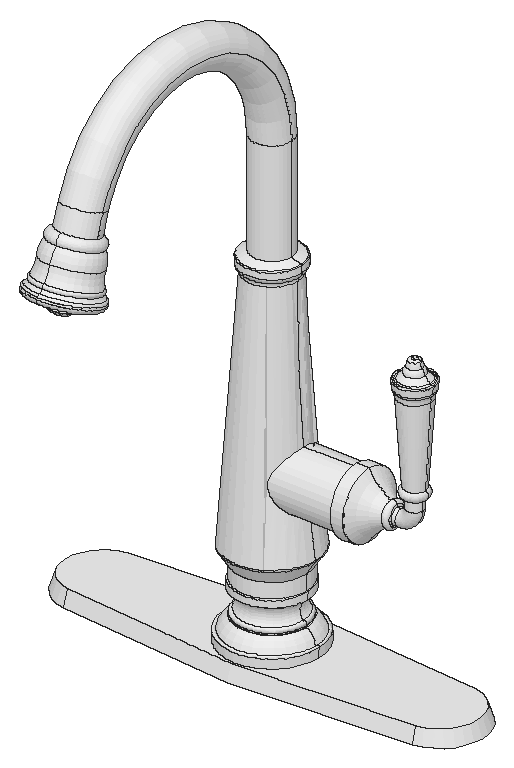
Revit family "Faucet-Single_Control-American_Standard-Delancey_4279410_Series", category Plumbing Fixtures, Revit 2019
Family settings
  Round Connector Dimension = Use Diameter
  Part Type = Normal
  OmniClass Number = 23.45.55.14
  OmniClass Title = Single Faucets
  Work Plane-Based = Yes
  Always vertical = No
  Cut with Voids When Loaded = No
  Shared = Yes
  Room Calculation Point = No
Parameters (values of type "4279410.002")
  Width = 8 11/16"  # constant formula
  Waste Connection = no
  Warranty Information = "Limited lifetime warranty on function and finish"
  WFU = 2  # constant formula
  Vent Connection = no
  URL = "http://www.americanstandard-us.com"
  Tempered Water Connection Diameter = 3/8"  # constant formula
  Tempered Water Connection = yes
  Revised Date = "09/29/2022"  # constant formula
  Product Page URL = "https://www.americanstandard-us.com/Single-Hole-Pull-Down-Faucets/Delancey-Single-Handle-Pull-Down-Bar-Faucet-15-gpm-57-L-min/CHROME-4279410002"
  Product Documentation Link = "https://americanstandard.box.com/shared/static/xh8r7iesbrkrk9d0tpf2szzn598ph9wb.pdf"
  Model = "4279410.002"
  Material = "Brass-American Standard-002-Polished Chrome"
  Manufacturer = "American Standard"  # constant formula
  Length = 10 3/4"  # constant formula
  Installation Type = "Deck Mounted"  # constant formula
  IAPMO Compliance = "Product meets or exceeds: ANSI A117.1, ASME A112.18.1, CSA B125.1, NSF 61/Section 9, NSF 372"  # constant formula
  Height = 16 11/16"  # constant formula
  HWFU = 1.5  # constant formula
  HW Connection = no
  Flow Rate = "1.5 gpm (5.7L/min)"  # constant formula
  Finish = Brass-American Standard-002-Polished Chrome
  Faucet Height Position = if(Escutcheon Plate, 3/8", 0")  # 3/8"
  Escutcheon Plate = yes
  Description = "Delancey® Single-Handle Pull-Down Bar Faucet 1.5 gpm/5.7 L/min"  # constant formula
  Default Elevation = 0"
  Creation Date = "05/18/2017"  # constant formula
  CalGreen Compliant = yes
  CWFU = 1.5  # constant formula
  CW Connection = no
  CEC Compliant = yes
  Assembly Code = "D2020300"
  ADA Compliant = yes
Types (5): name | Product Page URL | Model | Material | Finish
  (no name) | "https://www.americanstandard-us.com/Single-Hole-Pull-Down-Faucets/Delancey-Single-Handle-Pull-Down-Bar-Faucet-15-gpm-57-L-min/CHROME-4279410002" | "4279410.002" | "Brass-American Standard-002-Polished Chrome" | Brass-American Standard-002-Polished Chrome
  4279410.002 | "https://www.americanstandard-us.com/Single-Hole-Pull-Down-Faucets/Delancey-Single-Handle-Pull-Down-Bar-Faucet-15-gpm-57-L-min/CHROME-4279410002" | "4279410.002" | "Brass-American Standard-002-Polished Chrome" | Brass-American Standard-002-Polished Chrome
  4279410.075 | "https://www.americanstandard-us.com/Single-Hole-Pull-Down-Faucets/Delancey-Single-Handle-Pull-Down-Bar-Faucet-15-gpm-57-L-min/STAINLESS-STL-4279410075" | "4279410.075" | "Brass-American Standard-075-Stainless Steel" | Brass-American Standard-075-Stainless Steel
  4279410.013 | "https://www.americanstandard-us.com/Single-Hole-Pull-Down-Faucets/Delancey-Single-Handle-Pull-Down-Bar-Faucet-15-gpm-57-L-min/POLISHED-NICKEL-4279410013" | "4279410.013" | "Brass-American Standard-013-Polished Nickel" | Brass-American Standard-013-Polished Nickel
  4279410.278 | "https://www.americanstandard-us.com/Single-Hole-Pull-Down-Faucets/Delancey-Single-Handle-Pull-Down-Bar-Faucet-15-gpm-57-L-min/LEGACY-BRONZE-4279410278" | "4279410.278" | "Brass-American Standard-278-Legacy Bronze" | Brass-American Standard-278-Legacy Bronze
Reference planes (in)
  plane 1 "Center (Front/Back)": y = 0
  plane 2: z = 0
  plane 3 "Center (Left/Right)": x = 0
  plane 4: z = 15.05556
  plane 5: z = 10.375
  plane 6: x = 5.375
  plane 7: x = -5.375
  plane 8: z = 3.9375
  plane 9: z = 7.6875
  plane 10: y = 1.5
  plane 11: y = -1.5
  plane 12: y = -8.6875
  plane 13: y = -8.6875
  plane 14: z = 0.375
Forms (in)
  Blend 1, solid, material "Brass-American Standard-002-Polished Chrome" <- "Finish", visible <- "Escutcheon Plate"
    base sketch origin (0, 0, 0) x (1, 0, 0) y (0, 1, 0)
      loop
        arc (-4.44718, -1.07162) -> (0, -1.39209) -> (4.44718, -1.07162) r 31.01627
        arc (4.44718, -1.07162) -> (5.37473, 0) -> (4.44718, 1.07162) r 1.0828
        arc (4.44718, 1.07162) -> (0, 1.39209) -> (-4.44718, 1.07162) r 31.01627
        arc (-4.44718, 1.07162) -> (-5.37473, 0) -> (-4.44718, -1.07162) r 1.0828
    top sketch origin (0, 0, 0) x (1, 0, 0) y (0, 1, 0)
      loop
        arc (4.42925, 0.94791) -> (0, 1.26709) -> (-4.42925, 0.94791) r 30.89127
        arc (-4.42925, 0.94791) -> (-5.24973, 0) -> (-4.42925, -0.94791) r 0.9578
        arc (-4.42925, -0.94791) -> (0, -1.26709) -> (4.42925, -0.94791) r 30.89127
        arc (4.42925, -0.94791) -> (5.24973, 0) -> (4.42925, 0.94791) r 0.9578
    from 0 to 0.375
Lines and regions (in)
  Masking region 1, visible <- "Escutcheon Plate"
    outline origin (0, 0, 0) x (1, 0, 0) y (0, 1, 0)
      loop
        arc (-4.44718, 1.07162) -> (-5.37473, 0) -> (-4.44718, -1.07162) r 1.0828
        arc (-4.44718, -1.07162) -> (0, -1.39209) -> (4.44718, -1.07162) r 31.01627
        arc (4.44718, -1.07162) -> (5.37473, 0) -> (4.44718, 1.07162) r 1.0828
        arc (4.44718, 1.07162) -> (0, 1.39209) -> (-4.44718, 1.07162) r 31.01627
  symbolic lines, visible <- "Escutcheon Plate", detail levels fine
    curve 1: arc (4.42925, 0.94791, 0) -> (0, 1.26709, 0) -> (-4.42925, 0.94791, 0) r 30.89127
    curve 2: arc (-4.42925, 0.94791, 0) -> (-5.24973, 0, 0) -> (-4.42925, -0.94791, 0) r 0.9578
    curve 3: arc (-4.42925, -0.94791, 0) -> (0, -1.26709, 0) -> (4.42925, -0.94791, 0) r 30.89127
    curve 4: arc (4.42925, -0.94791, 0) -> (5.24973, 0, 0) -> (4.42925, 0.94791, 0) r 0.9578
Dimensions and locks (in)
  plane 4 to plane 2 = 15.05556"
  plane 5 to plane 2 = 10 3/8"
  plane 7 to plane 6 = 10 3/4"  (x2)
  plane 8 to plane 2 = 3 15/16"
  plane 13 to plane 1 "Center (Front/Back)" = 8 11/16"
  plane 4 to level = 15.05556"  (x2)
  plane 5 to level = 10 3/8"
  plane 8 to level = 3 15/16"
  plane 9 to plane 8 = 3 3/4"  (x2)
  "Faucet Height Position": plane 14 to level
  aligned and locked: plane 3 "Center (Left/Right)" to nested 1
  aligned and locked: plane 14 to nested 1
  aligned and locked: plane 1 "Center (Front/Back)" to nested 1
Automatic sketch dimensions
  plane 1 "Center (Front/Back)" to curve 2 = 0"
  curve 1 to plane 3 "Center (Left/Right)" = 0"
  curve 3 to plane 3 "Center (Left/Right)" = 0"
  plane 1 "Center (Front/Back)" to curve 4 = 0"
  curve 2 to plane 7 = 1.08308"
  curve 4 to plane 6 = 1.08308"
  plane 12 to curve 1 = 20.93668"
  plane 10 to curve 3 = 28.12418"
  curve 2 to plane 11 = 0.55209"
  curve 1 to curve 2 = 0"
  curve 3 to curve 2 = 0"
  curve 4 to curve 3 = 0"
  plane 1 "Center (Front/Back)" to Blend 1 sketch curve = 0"  (x4)
  Blend 1 sketch curve to plane 3 "Center (Left/Right)" = 0"  (x4)
  Blend 1 sketch curve to plane 7 = 1.08308"  (x2)
  Blend 1 sketch curve to plane 6 = 1.08308"  (x2)
  plane 12 to Blend 1 sketch curve = 20.93668"  (x2)
  plane 10 to Blend 1 sketch curve = 28.12418"  (x2)
  Blend 1 sketch curve to plane 10 = 0.42838"
  Blend 1 sketch curve to plane 11 = 0.42838"
  Blend 1 sketch curve to Blend 1 sketch curve = 0"  (x5)
  Blend 1 sketch curve to plane 11 = 0.55209"
  plane 1 "Center (Front/Back)" to Masking region 1 sketch curve = 0"  (x2)
  Masking region 1 sketch curve to plane 3 "Center (Left/Right)" = 0"  (x2)
  Masking region 1 sketch curve to plane 7 = 1.08308"
  Masking region 1 sketch curve to plane 6 = 1.08308"
  plane 12 to Masking region 1 sketch curve = 20.93668"
  plane 10 to Masking region 1 sketch curve = 28.12418"
  Masking region 1 sketch curve to plane 10 = 0.42838"
  Masking region 1 sketch curve to Masking region 1 sketch curve = 0"  (x3)
Nested families (in)
  nested 1: "4279.410" at (0, 0, 0.375), Finish <- "Finish", type "4279.410"
    with Finish Brass-American Standard-002-Polished Chrome
Connectors (in)
  piping at (0, 0, 0.375), diameter 0.375, driven by "Tempered Water Connection Diameter"
    settings: on nested 1, index 1, connector inside diameter 24", connector length 0", flow factor 0, pipe flow 1.5 GPM, pressure drop 0.00 psi, fitting loss kfactor 0, connector angle 0.00°, fixture units 0, engagement length 0", angle of deflection 0.00°, flow configuration 0, flow direction 1, fitting loss method 0, system type 29, joint type 0, gender type 0, connector reference index -1, connector utility 0, adjustable connector no, is connector primary yes, connector description "3/8\" OD Global Inlet Connection"
Definition of nested family "4279.410"
  Parameters (values of type "4279.410")
    Waste Connection = no
    WFU = 0
    Vent Connection = no
    URL = "http://www.americanstandard-us.com"
    Product Page URL = "https://www.americanstandard-us.com/kitchens/kitchen-faucets/delancey-single-handle-bar-sink-faucet-30840"
    Product Documentation Link = "https://www.americanstandard-us.com/-/media/sites/asus/files/product-specs/kitchen-faucets/2017/specsheet-4279410.pdf?la=en"
    Price = "Prices may vary. Please consult Manufacturer Representative for most up-to-date price list."  # constant formula
    Model = "4279.410"
    Material = "Metal-American Standard-002-Polished Chrome"
    Manufacturer = "American Standard"  # constant formula
    Length = 6 3/4"  # constant formula
    Installation Type = "Deck Mounted"  # constant formula
    Hot Water Connection Diameter = 3/8"  # constant formula
    Height = 15 1/8"  # constant formula
    HWFU = 1.5
    HW Connection = yes
    Flow Rate = "1.5 gpm (5.7L/min)"  # constant formula
    Finish [instance] = none
    Description = "Delancey Single Control Bar Sink Faucet With Pull-Down Spray"  # constant formula
    Default Elevation = 0"
    Creation Date = "05/18/2017"  # constant formula
    Cold Water Connection Diameter = 3/8"  # constant formula
    CWFU = 1.5
    CW Connection = yes
    Assembly Code = "D2020300"
    ADA Compliant = yes
  Reference planes (in)
    plane 1 "Center (Front/Back)": y = 0
    plane 2: z = 0
    plane 3 "Center (Left/Right)": x = 0
    plane 4: y = -6.75
    plane 5: z = 10.375
    plane 6: z = 15.125
    plane 7: z = 3.9375
    plane 8: z = 7.6875
    plane 9: z = 7.6875
  Forms (in)
    Revolve 1, solid, material <- "Finish"
      sketch origin (0, 0, -0.43924) x (1, 0, 0) y (0, 0, 1)
        loop
          line (0, 9.34712) -> (0, 0.43924) -> (1.20314, 0.43924) -> (1.20314, 0.66198)
          arc (1.20314, 0.66198) -> (1.17532, 0.70174) -> (1.12843, 0.68924) r 0.04233
          arc (1.12843, 0.68924) -> (1.02625, 0.86915) -> (0.88513, 1.02046) r 0.88597
          line (0.88513, 1.02046) -> (0.85429, 1.02046) -> (0.85429, 1.05298)
          arc (0.85429, 1.05298) -> (0.85618, 1.12005) -> (0.79831, 1.15399) r 0.06587
          arc (0.79831, 1.15399) -> (0.72691, 1.42043) -> (0.88513, 1.64639) r 0.32635
          line (0.88513, 1.64639) -> (0.9174, 1.66502) -> (0.9174, 1.83665)
          arc (0.9174, 1.83665) -> (0.90716, 1.85637) -> (0.88513, 1.85932) r 0.0241
          line (0.88513, 1.85932) -> (0.88513, 2.23842) -> (1.11637, 2.59449)
          arc (1.11637, 2.59449) -> (1.1245, 2.61415) -> (1.12505, 2.63543) r 0.0583
          arc (1.12505, 2.63543) -> (0.7619, 5.73045) -> (0.6553, 8.84488) r 37.74638
          arc (0.6553, 8.84488) -> (0.66926, 8.9071) -> (0.70723, 8.95855) r 0.15039
          arc (0.70723, 8.95855) -> (0.7388, 9.0004) -> (0.75, 9.05161) r 0.12262
          line (0.75, 9.05161) -> (0.75, 9.21539)
          arc (0.75, 9.21539) -> (0.74515, 9.23181) -> (0.73215, 9.24296) r 0.03022
          line (0.73215, 9.24296) -> (0.5, 9.34712) -> (0, 9.34712)
        axis (0, 9.34712) -> (0, 0.43924)
      angle from 0 to 360
    Sweep 2, solid, material <- "Finish"
      path origin (0, 0, -0.43924) x (0, 1, 0) y (0, 0, 1)
        loop
          line (0, 9.02681) -> (0, 11.97893)
          arc (0, 11.97893) -> (-2.57632, 15.0222) -> (-6.00306, 12.9835) r 3.08558
          line (-6.00306, 12.9835) -> (-6.18181, 12.46437)
      profile origin (0, 0, 10.06363) x (0, -1, 0) y (1, 0, 0)
        loop
          circle (0, 0) r 0.5
    Revolve 3, solid, material <- "Finish"
      sketch origin (0, 0, 0) x (1, 0, 0) y (0, 0, 1)
        loop
          line (2.15939, 4.6875) -> (0, 4.6875) -> (0, 3.9375) -> (3.18784, 3.9375) -> (3.18784, 4.18441)
          arc (3.18784, 4.18441) -> (3.12468, 4.26045) -> (3.03015, 4.23154) r 0.0892
          arc (3.03015, 4.23154) -> (2.71598, 4.46401) -> (2.47795, 4.774) r 1.40581
          line (2.47795, 4.774) -> (2.15939, 4.774) -> (2.15939, 4.6875)
        axis (3.18784, 3.9375) -> (0, 3.9375)
      angle from 0 to 360
    Sweep 4, solid, material <- "Finish"
      path origin (0, 0, 0) x (1, 0, 0) y (0, 0, 1)
        loop
          line (3.18784, 3.9375) -> (3.29963, 3.9375)
          arc (3.29963, 3.9375) -> (3.54099, 4.03747) -> (3.64096, 4.27883) r 0.34133
          line (3.64096, 4.27883) -> (3.64096, 4.52883)
      profile origin (3.24373, 0, 3.9375) x (0, 0, 1) y (0, -1, 0)
        loop
          circle (0, 0) r 0.20249
    Revolve 5, solid, material <- "Finish"
      sketch origin (0, 0, 0) x (1, 0, 0) y (0, 0, 1)
        loop
          line (3.64096, 7.6875) -> (3.64096, 4.52883) -> (3.84345, 4.52883)
          arc (3.84345, 4.52883) -> (3.96845, 4.62475) -> (3.90816, 4.77032) r 0.12941
          arc (3.90816, 4.77032) -> (3.96498, 5.79769) -> (4.04347, 6.82364) r 48.74114
          arc (4.04347, 6.82364) -> (4.05894, 6.90732) -> (4.09009, 6.9865) r 0.44413
          arc (4.09009, 6.9865) -> (4.09921, 7.00939) -> (4.10401, 7.03355) r 0.13483
          line (4.10401, 7.03355) -> (4.12247, 7.2092)
          arc (4.12247, 7.2092) -> (4.11752, 7.22443) -> (4.10289, 7.23095) r 0.01969
          line (4.10289, 7.23095) -> (4.05929, 7.23095)
          arc (4.05929, 7.23095) -> (4.03927, 7.23466) -> (4.02191, 7.2453) r 0.05587
          line (4.02191, 7.2453) -> (3.88251, 7.37081)
          arc (3.88251, 7.37081) -> (3.86423, 7.452) -> (3.81299, 7.51758) r 0.18993
          arc (3.81299, 7.51758) -> (3.8019, 7.58489) -> (3.78178, 7.65008) r 0.50147
          arc (3.78178, 7.65008) -> (3.76034, 7.67724) -> (3.72728, 7.6875) r 0.0584
          line (3.72728, 7.6875) -> (3.64096, 7.6875)
        axis (3.64096, 4.52883) -> (3.64096, 7.6875)
      angle from 0 to 360
    Revolve 6, solid, material <- "Finish"
      sketch origin (0, -0.05041, 0) x (0, 1, 0) y (0, 0, 1)
        loop
          line (-6.99754, 10.68187) -> (-7.01504, 10.63104) -> (-6.91315, 10.59596) -> (-6.92871, 10.55077)
          arc (-6.92871, 10.55077) -> (-6.83034, 10.44178) -> (-6.69959, 10.375) r 0.40514
          line (-6.69959, 10.375) -> (-6.40369, 11.23435) -> (-6.1314, 12.02513) -> (-6.60416, 12.18792)
          arc (-6.60416, 12.18792) -> (-6.76048, 12.14844) -> (-6.80428, 11.99328) r 0.16108
          arc (-6.80428, 11.99328) -> (-6.93302, 11.83032) -> (-7.00978, 11.63734) r 0.71859
          arc (-7.00978, 11.63734) -> (-7.07994, 11.44792) -> (-7.19348, 11.28085) r 0.83592
          arc (-7.19348, 11.28085) -> (-7.2402, 11.24867) -> (-7.24471, 11.19212) r 0.06605
          arc (-7.24471, 11.19212) -> (-7.28961, 11.14764) -> (-7.34749, 11.12228) r 0.17284
          arc (-7.34749, 11.12228) -> (-7.3821, 11.10419) -> (-7.40364, 11.07161) r 0.07815
          line (-7.40364, 11.07161) -> (-7.42123, 11.02051)
          arc (-7.42123, 11.02051) -> (-7.42151, 10.95535) -> (-7.38206, 10.90349) r 0.10133
          arc (-7.38206, 10.90349) -> (-7.19369, 10.78592) -> (-6.99754, 10.68187) r 3.16178
        axis (-6.69959, 10.375) -> (-6.1314, 12.02513)
      angle from 0 to 360
  Cuts and joins
    joined: Revolve 1, Sweep 2, Revolve 3, Sweep 4, Revolve 5, Revolve 6
  Lines and regions (in)
    Masking region 1
      outline origin (0, 0, 0) x (1, 0, 0) y (0, 1, 0)
        loop
          arc (0.94022, 0.75068) -> (-0.9484, 0.74033) -> (-0.5, -1.09432) r 1.20314
          line (-0.5, -1.09432) -> (-0.5, -5.87256)
          arc (-0.5, -5.87256) -> (-0.55415, -5.94796) -> (-0.597, -6.03031) r 0.64942
          arc (-0.597, -6.03031) -> (-0.87569, -6.50713) -> (-0.79591, -7.05362) r 0.83526
          arc (-0.79591, -7.05362) -> (0, -7.53553) -> (0.79591, -7.05362) r 0.89821
          arc (0.79591, -7.05362) -> (0.87569, -6.50713) -> (0.597, -6.03031) r 0.83526
          arc (0.597, -6.03031) -> (0.55415, -5.94796) -> (0.5, -5.87256) r 0.64942
          line (0.5, -5.87256) -> (0.5, -1.09432)
          arc (0.5, -1.09432) -> (0.74033, -0.9484) -> (0.94022, -0.75068) r 1.20314
          line (0.94022, -0.75068) -> (2.15939, -0.75068) -> (2.15939, -0.8365) -> (2.47353, -0.8365)
          arc (2.47353, -0.8365) -> (2.71584, -0.52833) -> (3.03015, -0.29404) r 1.48967
          arc (3.03015, -0.29404) -> (3.12029, -0.32399) -> (3.18784, -0.25721) r 0.09082
          line (3.18784, -0.25721) -> (3.18784, -0.16375)
          arc (3.18784, -0.16375) -> (4.12277, 0) -> (3.18784, 0.16375) r 0.4818
          line (3.18784, 0.16375) -> (3.18784, 0.25721)
          arc (3.18784, 0.25721) -> (3.12029, 0.32399) -> (3.03015, 0.29404) r 0.09082
          arc (3.03015, 0.29404) -> (2.71584, 0.52833) -> (2.47353, 0.8365) r 1.48967
          line (2.47353, 0.8365) -> (2.15939, 0.8365) -> (2.15939, 0.75068) -> (0.94022, 0.75068)
    symbolic lines, detail levels medium+fine
      curve 1: arc (-0.5, 0, 0) -> (0, 0.5, 0) -> (0.5, 0, 0) r 0.5
      curve 2: line (-0.5, 0, 0) -> (-0.5, -1.09432, 0)
      curve 3: line (0.5, 0, 0) -> (0.5, -1.09432, 0)
      curve 4: line (0.94022, 0.75068, 0) -> (0.53366, 0.75068, 0)
      curve 5: line (0.94022, -0.75068, 0) -> (0.53366, -0.75068, 0)
      curve 6: arc (0.53366, -0.75068, 0) -> (0.78901, 0, 0) -> (0.53366, 0.75068, 0) r 1.23108
      curve 7: line (2.15939, 0.75068, 0) -> (2.15939, -0.75068, 0)
      curve 8: line (2.47795, -0.8365, 0) -> (2.47795, 0.8365, 0)
      curve 15: arc (0.59511, -6.03031, 0) -> (-0.00095, -6.93753, 0) -> (-0.597, -6.03031, 0) r 0.64942
      curve 17: line (-0.5, -5.87256, 0) -> (-0.5, -6.18181, 0)
      curve 18: line (0.5, -5.87256, 0) -> (0.5, -6.18181, 0)
      curve 19: arc (0.5, -6.18181, 0) -> (0, -6.68181, 0) -> (-0.5, -6.18181, 0) r 0.5
      curve 20: arc (3.18784, 0.16375, 0) -> (3.15889, 0, 0) -> (3.18784, -0.16375, 0) r 0.47759
    symbolic lines, detail levels fine
      curve 9: line (3.03015, 0.29404, 0) -> (3.03015, -0.29404, 0)
      curve 10: arc (3.88251, 0, 0) -> (3.88242, 0.00667, 0) -> (3.88214, 0.01333, 0) r 0.24155
      curve 11: circle (3.64096, 0, 0) r 0.12464 normal (0, 0, 1)
      curve 12: circle (3.64096, 0, 0) r 0.24155 normal (0, 0, 1)
      curve 13: circle (3.64096, 0, 0) r 0.17203 normal (0, 0, -1)
      curve 14: arc (-0.5, -0.54716, 0) -> (0, 0.75068, 0) -> (0.5, -0.54716, 0) r 0.74523
      curve 16: arc (-0.63044, -6.1285, 0) -> (-0.00095, -7.34554, 0) -> (0.62855, -6.1285, 0) r 0.77132
  Dimensions and locks (in)
    plane 6 to plane 2 = 15 1/8"
    plane 5 to plane 2 = 10 3/8"
    plane 1 "Center (Front/Back)" to plane 4 = 6 3/4"
    plane 7 to level = 3 15/16"
    plane 8 to plane 7 = 3 3/4"
    aligned and locked: curve 1 to cut or joined group of Revolve 1, Sweep 2, Revolve 3, Sweep 4, Revolve 5, Revolve 6
    aligned and locked: curve 10 to cut or joined group of Revolve 1, Sweep 2, Revolve 3, Sweep 4, Revolve 5, Revolve 6
    aligned and locked: curve 12 to cut or joined group of Revolve 1, Sweep 2, Revolve 3, Sweep 4, Revolve 5, Revolve 6
    aligned and locked: curve 13 to cut or joined group of Revolve 1, Sweep 2, Revolve 3, Sweep 4, Revolve 5, Revolve 6
